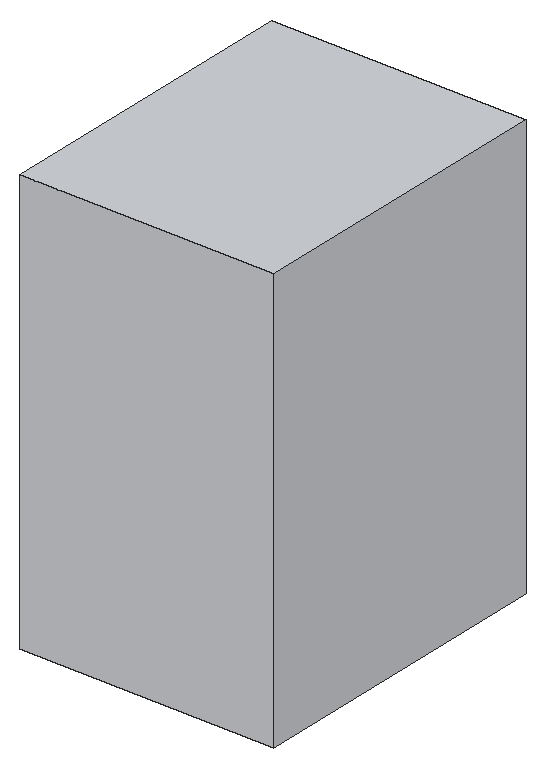
Revit family
Parameters
  Warranty Duration (Years) = 0
  Unit Width [instance] = 1' - 5 1/4"
  Unit Height [instance] = 2' - 3 1/4"
  Unit Depth = 0' - 0 1/2"
  URL = "http://www.americanspecialties.com/viewCategories.cfm"
  Trim Material = Metal - Stainless Steel
  Test Data = ""
  Specification = "http://www.arcat.com/sdspecs/htm/10810asi.htm"
  SpecWizard = ""
  Send Message = "http://www.arcat.com/users.pl?action=UserEmail&company=American%20Specialties,%20Inc.&coid=30448&rep=139&fax=914-476-0688&mf="
  Sales Information = "http://www.americanspecialties.com/contact"
  Revision = "R1_10-2010"
  Product Properties = "http://www.americanspecialties.com/datasheets/64684.pdf"
  Product Data = "http://www.arcat.com/arcatcos/cos30/arc30448.html"
  Model = "As Specified in 10 28 13"
  Manufacturer Website = "http://www.americanspecialties.com/viewCategories.cfm"
  Manufacturer Phone - Toll Free = ""
  Manufacturer Phone = "914-476-9000 "
  Manufacturer Fax = "914-476-0688"
  Manufacturer Address = "441 Saw Mill River Rd., Yonkers, NY 10701"
  Manufacturer = "American Specialties, Inc."
  Maintenance Schedule (Months) = 0
  Keynote = "10 28 13"
  Installation-Fabrication = "http://www.americanspecialties.com/products.cfm"
  Green Building-LEED = ""
  Expected Lifespan (Years) = 0
  Drawn By = "Robert S. Weygant. CSI, CDT, SCIP"  # constant formula
  Description = "Toilet Accessory as Specified in 10 28 13"
  Default Elevation = 4' - 0"
  Copyright = "©Arcat Inc."
  Construction Details = "http://www.arcat.com/green/clients/leed_data_30448.html"
  Building Codes = "http://www.americanspecialties.com/products.cfm"
  Body Material = Metal - Stainless Steel
  Assembly Code = "C1030210"
Reference planes (in)
  plane 1 "Center (Front/Back)": y = -0.29112
  plane 2 "Floor Line": z = 0
  plane 3 "Center (Left/Right)": x = -0.65843
Forms (in)
  Extrusion 1, solid
    sketch origin (-3, -9, -6) x (0, 0, -1) y (1, 0, 0)
      loop
        line (-82, 26) -> (-82, -19.34712) -> (-6, -19.34712) -> (-6, 26) -> (-82, 26)
    from 15.29112 to -41.06337
  Extrusion 2, solid, material "Metal - Stainless Steel" <- "Body Material"
    sketch origin (0, 0, 0) x (1, 0, 0) y (0, 1, 0)
      loop
        line (-8.65843, 12.33388) -> (-8.65843, -12.91612) -> (7.34157, -12.91612) -> (7.34157, 12.33388) -> (-8.65843, 12.33388)
    from 0.00034 to -4
  Extrusion 3, void
    sketch origin (0, 0, 0) x (1, 0, 0) y (0, 1, 0)
      loop
        arc (-3.36937, -8.18955) -> (-3.3368, -8.26818) -> (-3.25817, -8.30075) r 0.1112
        line (-3.25817, -8.30075) -> (-2.6837, -8.30075)
        arc (-2.6837, -8.30075) -> (-2.60507, -8.26818) -> (-2.5725, -8.18955) r 0.1112
        line (-2.5725, -8.18955) -> (-2.5725, -6.50388)
        arc (-2.5725, -6.50388) -> (-2.60507, -6.42525) -> (-2.6837, -6.39268) r 0.1112
        line (-2.6837, -6.39268) -> (-3.25817, -6.39268)
        arc (-3.25817, -6.39268) -> (-3.3368, -6.42525) -> (-3.36937, -6.50388) r 0.1112
        line (-3.36937, -6.50388) -> (-3.36937, -8.18955)
      loop
        line (2.0525, -8.18955) -> (2.0525, -6.50388)
        arc (2.0525, -6.50388) -> (2.01993, -6.42525) -> (1.9413, -6.39268) r 0.1112
        line (1.9413, -6.39268) -> (1.36683, -6.39268)
        arc (1.36683, -6.39268) -> (1.2882, -6.42525) -> (1.25563, -6.50388) r 0.1112
        line (1.25563, -6.50388) -> (1.25563, -8.18955)
        arc (1.25563, -8.18955) -> (1.2882, -8.26818) -> (1.36683, -8.30075) r 0.1112
        line (1.36683, -8.30075) -> (1.9413, -8.30075)
        arc (1.9413, -8.30075) -> (2.01993, -8.26818) -> (2.0525, -8.18955) r 0.1112
    from 0.06713 to 0.82742
  Extrusion 4, solid, material "Metal - Stainless Steel" <- "Trim Material"
    sketch origin (0, 0, 0.25) x (1, 0, 0) y (0, 1, 0)
      loop
        arc (-3.36937, -6.29112) -> (-3.44222, -6.34485) -> (-3.47093, -6.4307) r 0.15013
        line (-3.47093, -6.4307) -> (-3.47093, -8.26273)
        arc (-3.47093, -8.26273) -> (-3.44222, -8.34858) -> (-3.36937, -8.40232) r 0.15013
        line (-3.36937, -8.40232) -> (-2.5725, -8.40232)
        arc (-2.5725, -8.40232) -> (-2.49965, -8.34858) -> (-2.47093, -8.26273) r 0.15013
        line (-2.47093, -8.26273) -> (-2.47093, -6.4307)
        arc (-2.47093, -6.4307) -> (-2.49965, -6.34485) -> (-2.5725, -6.29112) r 0.15013
        line (-2.5725, -6.29112) -> (-3.36937, -6.29112)
      loop
        arc (-3.36937, -8.18955) -> (-3.3368, -8.26818) -> (-3.25817, -8.30075) r 0.1112
        line (-3.25817, -8.30075) -> (-2.6837, -8.30075)
        arc (-2.6837, -8.30075) -> (-2.60507, -8.26818) -> (-2.5725, -8.18955) r 0.1112
        line (-2.5725, -8.18955) -> (-2.5725, -6.50388)
        arc (-2.5725, -6.50388) -> (-2.60507, -6.42525) -> (-2.6837, -6.39268) r 0.1112
        line (-2.6837, -6.39268) -> (-3.25817, -6.39268)
        arc (-3.25817, -6.39268) -> (-3.3368, -6.42525) -> (-3.36937, -6.50388) r 0.1112
        line (-3.36937, -6.50388) -> (-3.36937, -8.18955)
      loop
        line (2.0525, -6.29112) -> (1.25563, -6.29112)
        arc (1.25563, -6.29112) -> (1.18278, -6.34485) -> (1.15407, -6.4307) r 0.15013
        line (1.15407, -6.4307) -> (1.15407, -8.26273)
        arc (1.15407, -8.26273) -> (1.18278, -8.34858) -> (1.25563, -8.40232) r 0.15013
        line (1.25563, -8.40232) -> (2.0525, -8.40232)
        arc (2.0525, -8.40232) -> (2.12535, -8.34858) -> (2.15407, -8.26273) r 0.15013
        line (2.15407, -8.26273) -> (2.15407, -6.4307)
        arc (2.15407, -6.4307) -> (2.12535, -6.34485) -> (2.0525, -6.29112) r 0.15013
      loop
        line (2.0525, -8.18955) -> (2.0525, -6.50388)
        arc (2.0525, -6.50388) -> (2.01993, -6.42525) -> (1.9413, -6.39268) r 0.1112
        line (1.9413, -6.39268) -> (1.36683, -6.39268)
        arc (1.36683, -6.39268) -> (1.2882, -6.42525) -> (1.25563, -6.50388) r 0.1112
        line (1.25563, -6.50388) -> (1.25563, -8.18955)
        arc (1.25563, -8.18955) -> (1.2882, -8.26818) -> (1.36683, -8.30075) r 0.1112
        line (1.36683, -8.30075) -> (1.9413, -8.30075)
        arc (1.9413, -8.30075) -> (2.01993, -8.26818) -> (2.0525, -8.18955) r 0.1112
    from 0.28159 to 0.25034
  Extrusion 5, solid, material "Metal - Stainless Steel" <- "Trim Material"
    sketch origin (0, 0, 0) x (1, 0, 0) y (0, 1, 0)
      loop
        circle (5.83207, 7.93092) r 0.5
      loop
        circle (5.83207, -8.51316) r 0.5
    from 0.50034 to 0.53159
  Extrusion 6, solid, material "Metal - Stainless Steel" <- "Body Material"
    sketch origin (-0.90625, -0.29112, 0) x (1, 0, 0) y (0, 0, 1)
      loop
        line (-8.37718, 0.00034) -> (8.87282, 0.00034) -> (8.87282, 0.46909)
        arc (8.87282, 0.46909) -> (8.86366, 0.49119) -> (8.84157, 0.50034) r 0.03125
        line (8.84157, 0.50034) -> (-8.34593, 0.50034)
        arc (-8.34593, 0.50034) -> (-8.36803, 0.49119) -> (-8.37718, 0.46909) r 0.03125
        line (-8.37718, 0.46909) -> (-8.37718, 0.00034)
    from -13.625 to 13.625
  Extrusion 7, solid, material "Metal - Stainless Steel" <- "Trim Material"
    sketch origin (0, 0, 0) x (1, 0, 0) y (0, 1, 0)
      loop
        line (-2.22093, -5.86311) -> (-2.22093, -5.36311) -> (-3.72093, -5.36311) -> (-3.72093, -5.86311) -> (-2.22093, -5.86311)
      loop
        line (0.90407, -5.86311) -> (2.40407, -5.86311) -> (2.40407, -5.36311) -> (0.90407, -5.36311) -> (0.90407, -5.86311)
    from 0.5 to 0.53159
  Extrusion 8, void
    sketch origin (0, 0, 0) x (1, 0, 0) y (0, 1, 0)
      loop
        line (-8.25218, -12.79112) -> (6.96657, -12.79112) -> (6.96657, -11.16612) -> (-8.25218, -11.16612) -> (-8.25218, -12.79112)
    from 0.06713 to 0.71098
  Extrusion 9, void
    sketch origin (0, 0, 0) x (1, 0, 0) y (0, 1, 0)
      loop
        line (-8.65843, 12.33388) -> (-8.65843, -12.91612) -> (7.34157, -12.91612) -> (7.34157, 12.33388) -> (-8.65843, 12.33388)
    from 0 to -4
Cuts and joins
  Extrusion 3, Extrusion 8 cuts Extrusion 2
  Extrusion 3, Extrusion 8 cuts Extrusion 6
  Extrusion 3 cuts Extrusion 4
Dimensions and locks (in)
  equal spacing: Extrusion 5 sketch curve, plane 1 "Center (Front/Back)", Extrusion 5 sketch curve
  equal spacing: Extrusion 4 sketch curve, plane 3 "Center (Left/Right)", Extrusion 4 sketch curve
  Extrusion 6 sketch curve to Extrusion 6 sketch curve = 1' - 5 1/4"
  Extrusion 6 sketch curve to Extrusion 6 sketch curve = 0' - 0 1/2"
  locked: cut or joined group of Extrusion 2, Extrusion 3, Extrusion 8 to cut or joined group of Extrusion 2, Extrusion 3, Extrusion 8 at 25.25
  equal spacing: cut or joined group of Extrusion 2, Extrusion 3, Extrusion 8, plane 1 "Center (Front/Back)", cut or joined group of Extrusion 2, Extrusion 3, Extrusion 8
  locked: cut or joined group of Extrusion 2, Extrusion 3, Extrusion 8 to level at 4
  Extrusion 7 sketch curve to Extrusion 7 sketch curve = 0' - 3 1/8"
  radius of Extrusion 6 sketch curve = 0' - 0 1/32"  (x2)
  aligned and locked: Extrusion 1 to level
  aligned and locked: Extrusion 5 to Extrusion 4
  aligned and locked: cut or joined group of Extrusion 2, Extrusion 3, Extrusion 8 to Extrusion 6
  aligned and locked: Extrusion 4 to Extrusion 6
  aligned and locked: Extrusion 6 to Extrusion 4  (x8)
  aligned and locked: Extrusion 5 to Extrusion 6
  aligned and locked: Extrusion 6 to Extrusion 5
  aligned and locked: Extrusion 7 to Extrusion 4
Automatic sketch dimensions
  Extrusion 1 sketch curve to Extrusion 1 sketch curve = 6' - 4"
  Extrusion 1 sketch curve to Extrusion 1 sketch curve = 3' - 9.34712"
  Extrusion 2 sketch curve to plane 3 "Center (Left/Right)" = 0' - 8"
  plane 3 "Center (Left/Right)" to Extrusion 2 sketch curve = 0' - 8"
  plane 1 "Center (Front/Back)" to Extrusion 2 sketch curve = 1' - 0 5/8"
  Extrusion 2 sketch curve to plane 1 "Center (Front/Back)" = 1' - 0 5/8"
  Extrusion 3 sketch curve to plane 3 "Center (Left/Right)" = 0' - 2 91/128"
  Extrusion 3 sketch curve to Extrusion 3 sketch curve = 0' - 0.1112"  (x7)
  Extrusion 3 sketch curve to Extrusion 3 sketch curve = 0' - 0.57448"  (x4)
  plane 3 "Center (Left/Right)" to Extrusion 3 sketch curve = 0' - 1 117/128"
  plane 1 "Center (Front/Back)" to Extrusion 3 sketch curve = 0' - 8.00964"
  Extrusion 3 sketch curve to Extrusion 3 sketch curve = 0' - 1.68568"  (x2)
  Extrusion 4 sketch curve to Extrusion 4 sketch curve = 0' - 0 13/128"  (x10)
  Extrusion 4 sketch curve to Extrusion 4 sketch curve = 0' - 0.04854"  (x10)
  Extrusion 4 sketch curve to Extrusion 4 sketch curve = 0' - 0.06266"  (x8)
  Extrusion 4 sketch curve to Extrusion 4 sketch curve = 0' - 0.57448"  (x4)
  plane 1 "Center (Front/Back)" to Extrusion 4 sketch curve = 0' - 8.1112"
  Extrusion 4 sketch curve to Extrusion 4 sketch curve = 0' - 0"
  Extrusion 4 sketch curve to Extrusion 4 sketch curve = 0' - 0.07318"  (x6)
  Extrusion 4 sketch curve to Extrusion 4 sketch curve = 0' - 1.68568"  (x2)
  Extrusion 4 sketch curve to Extrusion 4 sketch curve = 0' - 0.0405"  (x4)
  plane 3 "Center (Left/Right)" to Extrusion 5 sketch curve = 0' - 6.4905"  (x2)
  plane 1 "Center (Front/Back)" to Extrusion 5 sketch curve = 0' - 8.22204"
  level to Extrusion 6 sketch curve = 0' - 0.00034"
  Extrusion 6 sketch curve to plane 3 "Center (Left/Right)" = 0' - 8 5/8"
  Extrusion 4 sketch curve to plane 3 "Center (Left/Right)" = 0' - 2 13/16"
  Extrusion 7 sketch curve to plane 3 "Center (Left/Right)" = 0' - 3 1/16"
  Extrusion 7 sketch curve to Extrusion 7 sketch curve = 0' - 1 1/2"  (x2)
  plane 3 "Center (Left/Right)" to Extrusion 7 sketch curve = 0' - 1 9/16"
  plane 1 "Center (Front/Back)" to Extrusion 7 sketch curve = 0' - 5.57199"
  Extrusion 7 sketch curve to Extrusion 7 sketch curve = 0' - 0"
  Extrusion 7 sketch curve to Extrusion 7 sketch curve = 0' - 0 1/2"  (x2)
  Extrusion 8 sketch curve to plane 3 "Center (Left/Right)" = 0' - 7 19/32"
  plane 3 "Center (Left/Right)" to Extrusion 8 sketch curve = 0' - 7 5/8"
  plane 1 "Center (Front/Back)" to Extrusion 8 sketch curve = 1' - 0 1/2"
  Extrusion 8 sketch curve to Extrusion 8 sketch curve = 0' - 1 5/8"
  Extrusion 9 sketch curve to plane 3 "Center (Left/Right)" = 0' - 8"
  plane 3 "Center (Left/Right)" to Extrusion 9 sketch curve = 0' - 8"
  plane 1 "Center (Front/Back)" to Extrusion 9 sketch curve = 1' - 0 5/8"
  Extrusion 9 sketch curve to plane 1 "Center (Front/Back)" = 1' - 0 5/8"
  radius of Extrusion 5 sketch curve = 0' - 0 1/2"  (x2)
